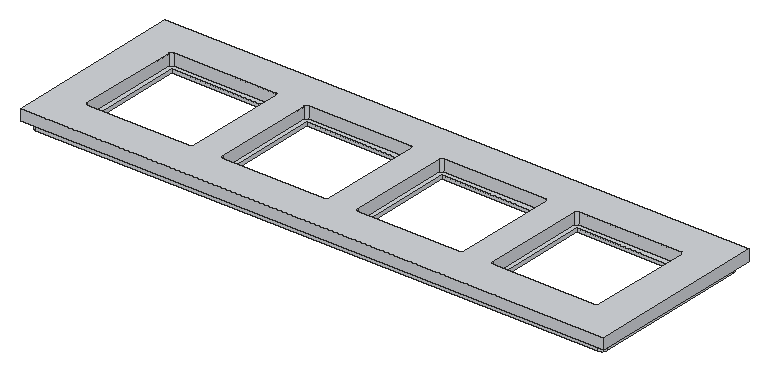
Revit family "Gira_0214217", category Electrical Fixtures, host Face, Revit 2017
Family settings
  Host = Face
  Maintain Annotation Orientation = No
  Round Connector Dimension = Use Diameter
  Part Type = Normal
  Cut with Voids When Loaded = No
  Shared = No
  Room Calculation Point = No
Parameters (values of type "Cov.fr. 4-g Gira Esprit alum.light gold")
  With mounting grid = "No"
  With hinged lid = "No"
  URL = "http://katalog.gira.de/en/datenblatt.html?artikelnr=0214217"
  Type of fastening = "Clamp mounting"
  Transparent = "No"
  Surface protection = "Other"
  Suitable for wall duct = "No"
  Suitable for flush-mounted installation = "Yes"
  Suitable for floor box = "No"
  Suitable for built-in installation = "No"
  Number of units vertical = "4"
  Number of units horizontal = "4"
  Number of units = "4"
  Name = "Cov.fr. 4-g Gira Esprit alum.light gold"
  Mounting direction = "Horizontal and vertical"
  Material quality = "Aluminium"
  Material = "Metal"
  Manufacturer URL = "https://www.gira.de/"
  Manufacturer = "Gira"
  Label space/information surface = "No"
  Keynote = ""
  HeinzeBIM = "https://bimportal.heinze.de/bim/cov-fr-4-g-gira-esprit-alum-light-gold/f302f4f52faf58b693db0f7f7e32b57be1afe7b6"
  Halogen free = "No"
  HAN = "0214217"
  GTIN = "4010337015741"
  Description = "Cov.fr.4g Espr. AlGd,Gira Esprit cover frame,aluminium light gold,4-gang,Features:,- Anodised aluminium EV 2. Colour deviations are possible."
  Degree of protection (IP) = "IP20"
  Default Elevation = 1219.2 mm
  Data sheet (1) = "https://katalog.gira.de/en/download.html?artikelnr=0214217"
  Colour = "Aluminium"
  Category = "Cover frame for domestic switching devices"
  BIM (1) = "https://media.stage.bim.site/public/gira/36a6b08/Espr._Rahmen_4fach.rfa"
  Available = "No"
Reference planes
  plane 1 "Center (Front/Back)": y = 0
  plane 2: z = 0
  plane 3 "Center (Left/Right)": x = 0
Forms (mm)
  Extrusion 1, solid, detail levels fine
    sketch origin (0, 0, 0) x (1, 0, 0) y (0, 1, 0)
      loop
        line (-154, 47.5) -> (-154, -47.5) -> (154, -47.5) -> (154, 47.5) -> (-154, 47.5)
      loop
        arc (-135.25, -26.8) -> (-134.811, -27.861) -> (-133.75, -28.3) r 1.5
        line (-133.75, -28.3) -> (-80.15, -28.3)
        arc (-80.15, -28.3) -> (-79.089, -27.861) -> (-78.65, -26.8) r 1.5
        line (-78.65, -26.8) -> (-78.65, 26.8)
        arc (-78.65, 26.8) -> (-79.089, 27.861) -> (-80.15, 28.3) r 1.5
        line (-80.15, 28.3) -> (-133.75, 28.3)
        arc (-133.75, 28.3) -> (-134.811, 27.861) -> (-135.25, 26.8) r 1.5
        line (-135.25, 26.8) -> (-135.25, -26.8)
      loop
        arc (-63.95, -26.8) -> (-63.511, -27.861) -> (-62.45, -28.3) r 1.5
        line (-62.45, -28.3) -> (-8.85, -28.3)
        arc (-8.85, -28.3) -> (-7.789, -27.861) -> (-7.35, -26.8) r 1.5
        line (-7.35, -26.8) -> (-7.35, 26.8)
        arc (-7.35, 26.8) -> (-7.789, 27.861) -> (-8.85, 28.3) r 1.5
        line (-8.85, 28.3) -> (-62.45, 28.3)
        arc (-62.45, 28.3) -> (-63.511, 27.861) -> (-63.95, 26.8) r 1.5
        line (-63.95, 26.8) -> (-63.95, -26.8)
      loop
        arc (7.35, -26.8) -> (7.789, -27.861) -> (8.85, -28.3) r 1.5
        line (8.85, -28.3) -> (62.45, -28.3)
        arc (62.45, -28.3) -> (63.511, -27.861) -> (63.95, -26.8) r 1.5
        line (63.95, -26.8) -> (63.95, 26.8)
        arc (63.95, 26.8) -> (63.511, 27.861) -> (62.45, 28.3) r 1.5
        line (62.45, 28.3) -> (8.85, 28.3)
        arc (8.85, 28.3) -> (7.789, 27.861) -> (7.35, 26.8) r 1.5
        line (7.35, 26.8) -> (7.35, -26.8)
      loop
        arc (78.65, -26.8) -> (79.089, -27.861) -> (80.15, -28.3) r 1.5
        line (80.15, -28.3) -> (133.75, -28.3)
        arc (133.75, -28.3) -> (134.811, -27.861) -> (135.25, -26.8) r 1.5
        line (135.25, -26.8) -> (135.25, 26.8)
        arc (135.25, 26.8) -> (134.811, 27.861) -> (133.75, 28.3) r 1.5
        line (133.75, 28.3) -> (80.15, 28.3)
        arc (80.15, 28.3) -> (79.089, 27.861) -> (78.65, 26.8) r 1.5
        line (78.65, 26.8) -> (78.65, -26.8)
    from 0 to 6
  Extrusion 2, solid, detail levels fine
    sketch origin (0, 0, 0) x (1, 0, 0) y (0, 1, 0)
      loop
        line (-132.85, -25.7) -> (-81.05, -25.7) -> (-81.05, 25.7) -> (-132.85, 25.7) -> (-132.85, -25.7)
      loop
        line (61.55, 25.7) -> (9.75, 25.7) -> (9.75, -25.7) -> (61.55, -25.7) -> (61.55, 25.7)
      loop
        arc (-149.85, -41.4) -> (-149.323, -42.673) -> (-148.05, -43.2) r 1.8
        line (-148.05, -43.2) -> (148.05, -43.2)
        arc (148.05, -43.2) -> (149.323, -42.673) -> (149.85, -41.4) r 1.8
        line (149.85, -41.4) -> (149.85, 41.4)
        arc (149.85, 41.4) -> (149.323, 42.673) -> (148.05, 43.2) r 1.8
        line (148.05, 43.2) -> (-148.05, 43.2)
        arc (-148.05, 43.2) -> (-149.323, 42.673) -> (-149.85, 41.4) r 1.8
        line (-149.85, 41.4) -> (-149.85, -41.4)
      loop
        line (-9.75, 25.7) -> (-61.55, 25.7) -> (-61.55, -25.7) -> (-9.75, -25.7) -> (-9.75, 25.7)
      loop
        line (132.85, 25.7) -> (81.05, 25.7) -> (81.05, -25.7) -> (132.85, -25.7) -> (132.85, 25.7)
    from -1.9 to 0
  Extrusion 3, solid, detail levels fine
    sketch origin (0, 0, 0) x (1, 0, 0) y (0, 1, 0)
      loop
        arc (-148.05, 44.4) -> (-150.171, 43.521) -> (-151.05, 41.4) r 3
        line (-151.05, 41.4) -> (-151.05, -41.4)
        arc (-151.05, -41.4) -> (-150.171, -43.521) -> (-148.05, -44.4) r 3
        line (-148.05, -44.4) -> (148.05, -44.4)
        arc (148.05, -44.4) -> (150.171, -43.521) -> (151.05, -41.4) r 3
        line (151.05, -41.4) -> (151.05, 41.4)
        arc (151.05, 41.4) -> (150.171, 43.521) -> (148.05, 44.4) r 3
        line (148.05, 44.4) -> (-148.05, 44.4)
      loop
        arc (-149.85, -41.4) -> (-149.323, -42.673) -> (-148.05, -43.2) r 1.8
        line (-148.05, -43.2) -> (148.05, -43.2)
        arc (148.05, -43.2) -> (149.323, -42.673) -> (149.85, -41.4) r 1.8
        line (149.85, -41.4) -> (149.85, 41.4)
        arc (149.85, 41.4) -> (149.323, 42.673) -> (148.05, 43.2) r 1.8
        line (148.05, 43.2) -> (-148.05, 43.2)
        arc (-148.05, 43.2) -> (-149.323, 42.673) -> (-149.85, 41.4) r 1.8
        line (-149.85, 41.4) -> (-149.85, -41.4)
    from -3.7 to 0
  Extrusion 4, solid, detail levels medium
    sketch origin (0, 0, 0) x (1, 0, 0) y (0, 1, 0)
      loop
        line (-154, 47.5) -> (-154, -47.5) -> (154, -47.5) -> (154, 47.5) -> (-154, 47.5)
    from 0 to 6
  Extrusion 5, solid, detail levels medium
    sketch origin (0, 0, 0) x (1, 0, 0) y (0, 1, 0)
      loop
        line (-154, 44.4) -> (-154, -44.4) -> (154, -44.4) -> (154, 44.4) -> (-154, 44.4)
    from -3.7 to 0
  Extrusion 6, solid, detail levels coarse
    sketch origin (0, 0, 0) x (1, 0, 0) y (0, 1, 0)
      loop
        line (-154, 47.5) -> (-154, -47.5) -> (154, -47.5) -> (154, 47.5) -> (-154, 47.5)
    from -3.7 to 6
Dimensions and locks
  aligned and locked: plane 2 to host face
  aligned and locked: level to host face
